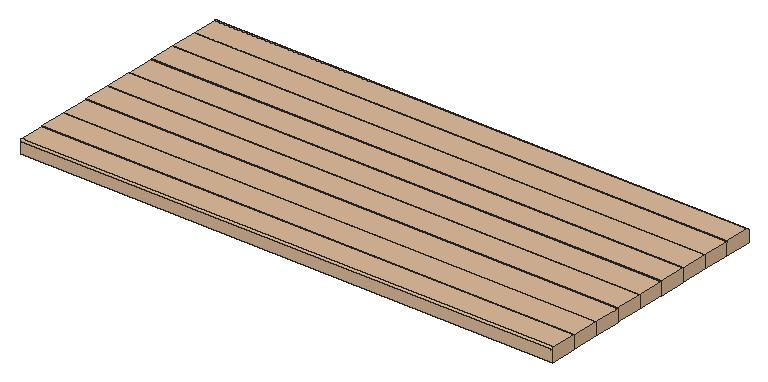
Revit family "61812-F-L", category Meble, Revit 2021
Family settings
  Numer OmniClass = 23.40.20.00
  Tytuł OmniClass = General Furniture and Specialties
  Oparty na płaszczyźnie roboczej = Nie
  Zawsze pionowo = Tak
  Tnij formami wycięć po wczytaniu = Nie
  Współdzielony = Nie
  Punkt obliczania pomieszczeń = Nie
Parameters (values of type "61812-f-l")
  wood = Kobenhagen Wood - Larch
  metal = Kobenhagen RAL 9010
  Width = "83 cm"
  Weight = "60 kg"
  URL = "https://kobenhagen.com/en_US/p/Holmen-Table-6-8-Seats/260"
  Product line = "Holmen"
  Product Groups = "Tables"
  Producent = "Lars Laj"
  Keynote = ""
  Opis = "Holmen Table 6-8 Seats"
  Model = "61812-F-L"
  Material = "Larch, stainless steel, powder coated steel"
  Maintenance = "We recommend to examine and tighten all screws and bolt clamps after a few weeks’ use. In order to prevent cracks and to extend the life of the wood, it is recommended that the wood details should be oiled every 3-5 years."
  Lenght = "181 cm"
  Type Comments = ""
  Kobenhagen Materials = "larslaj.com/bim"
  Hosted on larslaj.com = "https://larslaj.com/bim"
  Height = "75 cm"
  Domyślna rzędna = 0.0 cm
  Copyright = "All designs and drawings are the intellectual property of Lars Laj A/S and are protected by Danish and international copyright laws."
Reference planes (cm)
  plane 1 "front": y = 0
  plane 2: z = 0
  plane 3 "Środek (Lewa/Prawa)": x = 0
Forms (cm)
  Extrusion 1, solid, material "Kobenhagen RAL 9010" <- "metal", not visible
    sketch origin (0, -50, 0) x (0, 1, 0) y (0, 0, 1)
      loop
        arc (57.1187, 45.15) -> (55.7045, 44.5642) -> (55.1187, 43.15) r 2
        line (55.1187, 43.15) -> (55.1187, 1.8231)
        arc (55.1187, 1.8231) -> (55.6527, 0.534) -> (56.9418, 0) r 1.8231
        line (56.9418, 0) -> (65.3638, 0) -> (65.3638, 1.5) -> (94.8638, 1.5) -> (94.8638, 0) -> (102.7023, 0)
        arc (102.7023, 0) -> (104.2307, 0.6331) -> (104.8638, 2.1615) r 2.1615
        line (104.8638, 2.1615) -> (104.8638, 42.9407)
        arc (104.8638, 42.9407) -> (104.2168, 44.5029) -> (102.6545, 45.15) r 2.2093
        line (102.6545, 45.15) -> (57.1187, 45.15)
    from 75.0378 to 74.5
  Extrusion 2, solid, material "Kobenhagen RAL 9010" <- "metal", not visible
    sketch origin (0, -50, 0) x (0, 1, 0) y (0, 0, 1)
      loop
        line (104.8638, 39.6844) -> (112.9375, 85.4725) -> (110.1836, 85.9581)
        arc (110.1836, 85.9581) -> (108.5224, 85.5898) -> (107.6082, 84.1547) r 2.2232
        line (107.6082, 84.1547) -> (100.7306, 45.15) -> (102.6545, 45.15)
        arc (102.6545, 45.15) -> (104.2168, 44.5029) -> (104.8638, 42.9407) r 2.2093
        line (104.8638, 42.9407) -> (104.8638, 39.6844)
    from 74.5 to 75.0378
  Extrusion 3, solid, material "Kobenhagen Wood - Larch" <- "wood"
    sketch origin (7.2563, -28.3848, -34.9996) x (0, 1, 0) y (0, 0, 1)
      loop
        arc (-12.512, 109.9996) -> (-12.9363, 109.8239) -> (-13.112, 109.3996) r 0.6
        line (-13.112, 109.3996) -> (-13.112, 105.6996) -> (-4.112, 105.6996) -> (-4.112, 109.9996) -> (-12.512, 109.9996)
    from -97.2568 to 82.7442
  Extrusion 4, solid, material "Kobenhagen Wood - Larch" <- "wood"
    sketch origin (7.2563, 28.1842, -34.9996) x (0, -1, 0) y (0, 0, -1)
      loop
        line (-12.512, -109.9996) -> (-4.112, -109.9996) -> (-4.112, -105.6996) -> (-13.112, -105.6996) -> (-13.112, -109.3996)
        arc (-13.112, -109.3996) -> (-12.9363, -109.8239) -> (-12.512, -109.9996) r 0.6
    from -97.2568 to 82.7442
  Extrusion 5, solid, material "Kobenhagen Wood - Larch" <- "wood"
    sketch origin (7.2563, -28.2841, -34.9996) x (0, 1, 0) y (0, 0, 1)
      loop
        line (-3.9159, 109.9996) -> (-3.9159, 105.6996) -> (5.0841, 105.6996) -> (5.0841, 109.9996) -> (-3.9159, 109.9996)
    from -97.2568 to 82.7442
  Extrusion 6, solid, material "Kobenhagen Wood - Larch" <- "wood"
    sketch origin (7.2563, -19.0844, -34.9996) x (0, 1, 0) y (0, 0, 1)
      loop
        line (-3.9159, 109.9996) -> (-3.9159, 105.6996) -> (5.0841, 105.6996) -> (5.0841, 109.9996) -> (-3.9159, 109.9996)
    from -97.2568 to 82.7442
  Extrusion 7, solid, material "Kobenhagen Wood - Larch" <- "wood"
    sketch origin (7.2563, -9.7841, -34.9996) x (0, 1, 0) y (0, 0, 1)
      loop
        line (-3.9159, 109.9996) -> (-3.9159, 105.6996) -> (5.0841, 105.6996) -> (5.0841, 109.9996) -> (-3.9159, 109.9996)
    from -97.2568 to 82.7442
  Extrusion 8, solid, material "Kobenhagen Wood - Larch" <- "wood"
    sketch origin (7.2563, -0.5841, -34.9996) x (0, 1, 0) y (0, 0, 1)
      loop
        line (-3.9159, 109.9996) -> (-3.9159, 105.6996) -> (5.0841, 105.6996) -> (5.0841, 109.9996) -> (-3.9159, 109.9996)
    from -97.2568 to 82.7442
  Extrusion 9, solid, material "Kobenhagen Wood - Larch" <- "wood"
    sketch origin (7.2563, 8.6163, -34.9996) x (0, 1, 0) y (0, 0, 1)
      loop
        line (-3.9159, 109.9996) -> (-3.9159, 105.6996) -> (5.0841, 105.6996) -> (5.0841, 109.9996) -> (-3.9159, 109.9996)
    from -97.2568 to 82.7442
  Extrusion 10, solid, material "Kobenhagen Wood - Larch" <- "wood"
    sketch origin (7.2563, 17.8159, -34.9996) x (0, 1, 0) y (0, 0, 1)
      loop
        line (-3.9159, 109.9996) -> (-3.9159, 105.6996) -> (5.0841, 105.6996) -> (5.0841, 109.9996) -> (-3.9159, 109.9996)
    from -97.2568 to 82.7442
  Extrusion 11, solid, material "Kobenhagen Wood - Larch" <- "wood"
    sketch origin (7.2563, 27.0175, -34.9996) x (0, 1, 0) y (0, 0, 1)
      loop
        line (-3.9159, 109.9996) -> (-3.9159, 105.6996) -> (5.0841, 105.6996) -> (5.0841, 109.9996) -> (-3.9159, 109.9996)
    from -97.2568 to 82.7442
  Extrusion 12, solid, material "Kobenhagen RAL 9010" <- "metal"
    sketch origin (29.9959, -92.7867, 30.394) x (1, 0, 0) y (0, 1, 0)
      loop
        arc (-31.9994, 52.4295) -> (-31.9115, 52.2174) -> (-31.6994, 52.1295) r 0.3
        line (-31.6994, 52.1295) -> (-28.2994, 52.1295)
        arc (-28.2994, 52.1295) -> (-28.0873, 52.2174) -> (-27.9994, 52.4295) r 0.3
        line (-27.9994, 52.4295) -> (-27.9994, 132.897)
        arc (-27.9994, 132.897) -> (-28.0873, 133.1092) -> (-28.2994, 133.197) r 0.3
        line (-28.2994, 133.197) -> (-31.6994, 133.197)
        arc (-31.6994, 133.197) -> (-31.9115, 133.1092) -> (-31.9994, 132.897) r 0.3
        line (-31.9994, 132.897) -> (-31.9994, 52.4295)
    from 40 to 40.306
  Extrusion 13, solid, material "Kobenhagen RAL 9010" <- "metal"
    sketch origin (77.2959, -92.7867, 30.394) x (1, 0, 0) y (0, 1, 0)
      loop
        arc (-31.9994, 52.4295) -> (-31.9115, 52.2174) -> (-31.6994, 52.1295) r 0.3
        line (-31.6994, 52.1295) -> (-28.2994, 52.1295)
        arc (-28.2994, 52.1295) -> (-28.0873, 52.2174) -> (-27.9994, 52.4295) r 0.3
        line (-27.9994, 52.4295) -> (-27.9994, 132.897)
        arc (-27.9994, 132.897) -> (-28.0873, 133.1092) -> (-28.2994, 133.197) r 0.3
        line (-28.2994, 133.197) -> (-31.6994, 133.197)
        arc (-31.6994, 133.197) -> (-31.9115, 133.1092) -> (-31.9994, 132.897) r 0.3
        line (-31.9994, 132.897) -> (-31.9994, 52.4295)
    from 40 to 40.306
  Extrusion 14, solid, material "Kobenhagen RAL 9010" <- "metal"
    sketch origin (-17.3002, -92.7867, 30.394) x (1, 0, 0) y (0, 1, 0)
      loop
        arc (-31.9994, 52.4295) -> (-31.9115, 52.2174) -> (-31.6994, 52.1295) r 0.3
        line (-31.6994, 52.1295) -> (-28.2994, 52.1295)
        arc (-28.2994, 52.1295) -> (-28.0873, 52.2174) -> (-27.9994, 52.4295) r 0.3
        line (-27.9994, 52.4295) -> (-27.9994, 132.897)
        arc (-27.9994, 132.897) -> (-28.0873, 133.1092) -> (-28.2994, 133.197) r 0.3
        line (-28.2994, 133.197) -> (-31.6994, 133.197)
        arc (-31.6994, 133.197) -> (-31.9115, 133.1092) -> (-31.9994, 132.897) r 0.3
        line (-31.9994, 132.897) -> (-31.9994, 52.4295)
    from 40 to 40.306
Dimensions and locks (cm)
  aligned and locked: level to plane 2
